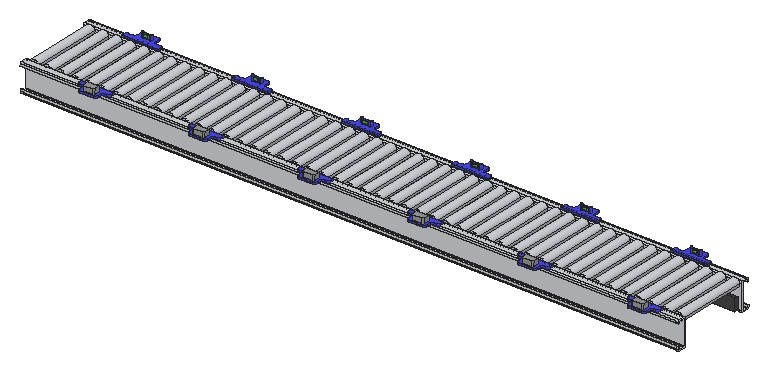
Revit family "C353", category Specialty Equipment, Revit 2025
Family settings
  Round Connector Dimension = Use Diameter
  Part Type = Normal
  Work Plane-Based = No
  Enable Cutting in Views = No
  Always vertical = Yes
  Cut with Voids When Loaded = No
  Maintain Annotation Orientation = No
  Shared = No
  Room Calculation Point = No
Parameters (values of type "C351- 18"")
  Weight [instance] = 0
  Version = ""
  Subsystem [instance] = ""
  Special_Part_Number [instance] = ""
  Special_Description [instance] = ""
  Special_Bed [instance] = no
  Segment [instance] = ""
  SIO_Block_Number [instance] = ""
  SENSOR_ARRY_NUM [instance] = round(CLR_BED_LENGTH / CLR_ZONES)  # 6
  SENSOR_ARRY [instance] = CLR_ZONES + CLR_SENSOR_SKEW  # 3' - 0"
  PHOTO_EYE_ARRAY [instance] = CLR_ZONES + CLR_PhotoEye_SP  # 2' - 8"
  Material_Number [instance] = ""
  MCP [instance] = ""
  Lookup Table Name BCL [instance] = "BOTTOM_COVER_BCL"
  Lookup Table Name BCAN [instance] = "BOTTOM_COVER_ARRAY_NUM"
  Lookup Table Name [instance] = "PHOTO_EYE"
  Load_Envelope_Height [instance] = 1' - 0"
  Load_Envelope [instance] = no
  IO_Block_Number [instance] = ""
  Field_Cut [instance] = no
  Estop_Zone [instance] = ""
  Error_State [instance] = no
  Default Elevation = 0' - 0"
  Conveyor_Number [instance] = "100"
  Conveyor_Elevation_Out [instance] = Conveyor_Elevation_In  # 2' - 7 51/256"
  Conveyor_Elevation_In [instance] = 2' - 7 51/256"
  CLR_ZONE_CONTROL = "N"
  CLR_ZONES [instance] = 2' - 0"
  CLR_VFD = no
  CLR_TE_POSITION = "N"
  CLR_TAKE_UP_SPRING_QUANTITY = 0
  CLR_TAKE_UP = "N"
  CLR_SUBCLASS = ""
  CLR_SPRING_COVER [instance] = no
  CLR_SPEED_FPM = 0
  CLR_SLAVE_RATIO = "N"
  CLR_SENSOR_SKEW [instance] = size_lookup(Lookup Table Name, "CSS", CLR_PhotoEye_SP, CLR_NOMINAL_WIDTH, CLR_ZONES, CLR_SENSOR_ANGLE)  # 1' - 0"
  CLR_SENSOR_MOUNT [instance] = "Side"
  CLR_SENSOR_HAND [instance] = "Left"
  CLR_SENSOR_ANGLE [instance] = 9.00°
  CLR_ROLLER_NUM [instance] = CLR_BED_LENGTH / CLR_ROLLER_CENTER  # 48
  CLR_ROLLER_CENTER [instance] = 0' - 3"
  CLR_PhotoEye_SP [instance] = if(CLR_ZONES = 3' 0", 1' 0", if(CLR_ZONES = 2' 0", 0' 8", 0' 8"))  # 0' - 8"
  CLR_PULLEY_TYPE = "N"
  CLR_POPOUT_CARRYING_ROLLERS [instance] = no
  CLR_NOMINAL_WIDTH + 1" [instance] = CLR_NOMINAL_WIDTH + 0' 1"  # 1' - 7"
  CLR_NOMINAL_WIDTH  -2.5" [instance] = CLR_NOMINAL_WIDTH - 0' 2 1/2"  # 1' - 3 1/2"
  CLR_NOMINAL_WIDTH = 1' - 6"
  CLR_MOTOR_VOLTAGE = "N"
  CLR_MOTOR_TYPE = "N"
  CLR_MOTOR_HP = 0
  CLR_MODULE = ""
  CLR_LIFTER_ROLLER_CENTER [instance] = 0' - 6"
  CLR_FINGER_GUARD [instance] = no
  CLR_DRIVE_TRAIN_TYPE = "N"
  CLR_DRIVE_SIZE = 0
  CLR_CONTROL_VOLTAGE = "N"
  CLR_CONTROL_DEVICE = "N"
  CLR_CONNECTION_KIT = "N"
  CLR_CARRYING_ROLLER [instance] = "Standard\r\nStandard\r\nStandard"
  CLR_BOTTOM_COVERS [instance] = no
  CLR_BED_LENGTH [instance] = if(Bed_Length < 12' 0", 12' 0", if(Bed_Length > 12' 0", 12' 0", 12' 0"))  # 12' - 0"
  CLR_ASSEMBLY_HAND = "N"
  CLR_AIR_BRAKE = 0
  Belting [instance] = 0' - 8"
  Bed_Length [instance] = 12' - 0"
  BREAK_ENTRY_LEN [instance] = if(CLR_ZONES = 3' 0", 0' 11 7/32", if(CLR_ZONES = 2' 0", 0' 0 7/32", 3' 0"))  # 0' - 0 7/32"
  BOTTOM_COVER_ARRAY_NUM [instance] = size_lookup(Lookup Table Name BCAN, "BCAN", 1, CLR_BED_LENGTH)  # 4
  BOTTOM_COVERS_LOCATION [instance] = BOTTOM_COVERS_LENGTH + BOTTOM_COVERS_LENGTH / 2  # 4' - 6"
  BOTTOM_COVERS_LENGTH [instance] = size_lookup(Lookup Table Name BCL, "BCL", 2' 0", CLR_BED_LENGTH, BOTTOM_COVER_ARRAY_NUM)  # 3' - 0"
  BBREAK_ZONE [instance] = if(CLR_ZONES = 3' 0", 3' 0", if(CLR_ZONES = 2' 0", 2' 0", 3' 0"))  # 2' - 0"
  Asset ID [instance] = ""
  Air_Consumption [instance] = 0
Types (6): name | SENSOR_ARRY_NUM | SENSOR_ARRY | PHOTO_EYE_ARRAY | Load_Envelope_Height | Conveyor_Elevation_Out | Conveyor_Elevation_In | CLR_ZONES | CLR_SENSOR_SKEW | CLR_PhotoEye_SP | CLR_NOMINAL_WIDTH + 1" | CLR_NOMINAL_WIDTH  -2.5" | CLR_NOMINAL_WIDTH | BREAK_ENTRY_LEN | BBREAK_ZONE
  (no name) | 6 | 3' - 0" | 2' - 8" | 1' - 0" | 2' - 7 51/256" | 2' - 7 51/256" | 2' - 0" | 1' - 0" | 0' - 8" | 1' - 7" | 1' - 3 1/2" | 1' - 6" | 0' - 0 7/32" | 2' - 0"
  C351- 18" | 6 | 3' - 0" | 2' - 8" | 1' - 0" | 2' - 7 51/256" | 2' - 7 51/256" | 2' - 0" | 1' - 0" | 0' - 8" | 1' - 7" | 1' - 3 1/2" | 1' - 6" | 0' - 0 7/32" | 2' - 0"
  C351- 24" | 4 | 4' - 4" | 4' - 0" | 1' - 0" | 5' - 0" | 5' - 0" | 3' - 0" | 1' - 4" | 1' - 0" | 2' - 1" | 1' - 9 1/2" | 2' - 0" | 0' - 11 7/32" | 3' - 0"
  C351- 30" | 4 | 4' - 6" | 4' - 0" | 1' - 0" | 2' - 7 51/256" | 2' - 7 51/256" | 3' - 0" | 1' - 6" | 1' - 0" | 2' - 7" | 2' - 3 1/2" | 2' - 6" | 0' - 11 7/32" | 3' - 0"
  C351- 36" | 6 | 3' - 2" | 2' - 8" | 0' - 11.55696" | 2' - 6.44304" | 2' - 6.44304" | 2' - 0" | 1' - 2" | 0' - 8" | 3' - 1" | 2' - 9 1/2" | 3' - 0" | 0' - 0 7/32" | 2' - 0"
  C351- 42" | 4 | 4' - 8" | 4' - 0" | 1' - 0" | 2' - 7 51/256" | 2' - 7 51/256" | 3' - 0" | 1' - 8" | 1' - 0" | 3' - 7" | 3' - 3 1/2" | 3' - 6" | 0' - 11 7/32" | 3' - 0"
Reference planes (in)
  plane 1 "Centerline": y = 0
  plane 2: z = 0
  plane 3 "Entry_End": x = 0
  plane 4 "Top_of_Roller": z = 31.19922
  plane 5 "Top_of_SideFrame": z = 30.90922
  plane 6 "Bot_of_SideFrame": z = 24.90922
  plane 7 "LH_Out": y = 9.5
  plane 8 "RH_Out": y = -9.5
  plane 9 "RH_In": y = -7.75
  plane 10 "LH_In": y = 7.75
  plane 11 "Exit_End": x = 144
  plane 12 "PhotoEye_SP": x = 136
  plane 13 "Sensor_Skew": x = 132
  plane 14: x = 60.81944
  plane 15: y = -38.13976
  plane 16: z = 31.19922
  plane 17: z = 43.19922
  plane 18: y = -7.75
  plane 19: y = 7.75
  plane 20: x = 23.71875
  plane 21: x = 12.21875
  plane 22: y = 7
  plane 23: x = 11.71875
  plane 24: x = 0.21875
  plane 25: y = 7
  plane 26: y = 6.25
  plane 27: y = 6.25
  plane 28 "BREAK": z = 29.00422
  plane 29: x = 11.96875
  plane 30: x = 31.33658
  plane 31: x = 19.83658
  plane 32: y = 25.5
  plane 33: x = 19.33658
  plane 34: x = 7.83658
  plane 35: y = 25.5
  plane 36: y = 24.75
  plane 37: y = 24.75
  plane 38: x = 19.58658
  plane 39: x = 11.96875
  plane 40: x = 0.21875
  plane 41: x = 19.58658
  plane 42: x = 7.83658
  plane 43: y = 7
  plane 44: y = 25.5
  plane 45: x = 47.71875
  plane 46: x = 36.21875
  plane 47: y = 7
  plane 48: x = 35.71875
  plane 49: x = 24.21875
  plane 50: y = 7
  plane 51: y = 6.25
  plane 52: y = 6.25
  plane 53: x = 35.96875
  plane 54: x = 71.71875
  plane 55: x = 60.21875
  plane 56: y = 7
  plane 57: x = 59.71875
  plane 58: x = 48.21875
  plane 59: y = 7
  plane 60: y = 6.25
  plane 61: y = 6.25
  plane 62: x = 59.96875
  plane 63: x = 95.71875
  plane 64: x = 84.21875
  plane 65: y = 7
  plane 66: x = 83.71875
  plane 67: x = 72.21875
  plane 68: y = 7
  plane 69: y = 6.25
  plane 70: y = 6.25
  plane 71: x = 83.96875
  plane 72: x = 119.71875
  plane 73: x = 108.21875
  plane 74: y = 7
  plane 75: x = 107.71875
  plane 76: x = 96.21875
  plane 77: y = 7
  plane 78: y = 6.25
  plane 79: y = 6.25
  plane 80: x = 107.96875
  plane 81: x = 143.71875
  plane 82: x = 132.21875
  plane 83: y = 7
  plane 84: x = 131.71875
  plane 85: x = 120.21875
  plane 86: y = 7
  plane 87: y = 6.25
  plane 88: y = 6.25
  plane 89: x = 131.96875
Forms (in)
  Extrusion 1, solid, detail levels coarse+medium
    sketch origin (0, 0, 0) x (0, 1, 0) y (0, 0, 1)
      loop
        line (9.5, 30.90922) -> (-9.5, 30.90922) -> (-9.5, 24.90922) -> (9.5, 24.90922) -> (9.5, 30.90922)
    from 0 to 144
  Extrusion 2, solid, material "Load Envelope", visible <- "Load_Envelope"
    sketch origin (0, 0, 0) x (0, 1, 0) y (0, 0, 1)
      loop
        line (7.75, 43.19922) -> (-7.75, 43.19922) -> (-7.75, 31.19922) -> (7.75, 31.19922) -> (7.75, 43.19922)
    from 0 to 144
  Extrusion 3, solid, material "BREAK"
    sketch origin (-92.78125, -32.40488, 22.77048) x (0, 1, 0) y (-1, 0, 0)
      loop
        line (39.40488, -116.5) -> (39.40488, -105) -> (39.15488, -105) -> (39.15488, -104.5) -> (39.40488, -104.5) -> (39.40488, -93) -> (38.65488, -93) -> (38.65488, -104.5) -> (38.90488, -104.5) -> (38.90488, -105) -> (38.65488, -105) -> (38.65488, -116.5) -> (39.40488, -116.5)
    from 2.81755 to 5.47755
  Extrusion 4, solid, material "BREAK", not visible
    sketch origin (-85.16342, -13.90488, 22.77048) x (0, 1, 0) y (-1, 0, 0)
      loop
        line (39.40488, -116.5) -> (39.40488, -105) -> (39.15488, -105) -> (39.15488, -104.5) -> (39.40488, -104.5) -> (39.40488, -93) -> (38.65488, -93) -> (38.65488, -104.5) -> (38.90488, -104.5) -> (38.90488, -105) -> (38.65488, -105) -> (38.65488, -116.5) -> (39.40488, -116.5)
    from 2.81755 to 5.47755
  Extrusion 5, solid, material "BREAK"
    sketch origin (-68.78125, -32.40488, 22.77048) x (0, 1, 0) y (-1, 0, 0)
      loop
        line (39.40488, -116.5) -> (39.40488, -105) -> (39.15488, -105) -> (39.15488, -104.5) -> (39.40488, -104.5) -> (39.40488, -93) -> (38.65488, -93) -> (38.65488, -104.5) -> (38.90488, -104.5) -> (38.90488, -105) -> (38.65488, -105) -> (38.65488, -116.5) -> (39.40488, -116.5)
    from 2.81755 to 5.47755
  Extrusion 6, solid, material "BREAK"
    sketch origin (-44.78125, -32.40488, 22.77048) x (0, 1, 0) y (-1, 0, 0)
      loop
        line (39.40488, -116.5) -> (39.40488, -105) -> (39.15488, -105) -> (39.15488, -104.5) -> (39.40488, -104.5) -> (39.40488, -93) -> (38.65488, -93) -> (38.65488, -104.5) -> (38.90488, -104.5) -> (38.90488, -105) -> (38.65488, -105) -> (38.65488, -116.5) -> (39.40488, -116.5)
    from 2.81755 to 5.47755
  Extrusion 7, solid, material "BREAK"
    sketch origin (-20.78125, -32.40488, 22.77048) x (0, 1, 0) y (-1, 0, 0)
      loop
        line (39.40488, -116.5) -> (39.40488, -105) -> (39.15488, -105) -> (39.15488, -104.5) -> (39.40488, -104.5) -> (39.40488, -93) -> (38.65488, -93) -> (38.65488, -104.5) -> (38.90488, -104.5) -> (38.90488, -105) -> (38.65488, -105) -> (38.65488, -116.5) -> (39.40488, -116.5)
    from 2.81755 to 5.47755
  Extrusion 8, solid, material "BREAK"
    sketch origin (3.21875, -32.40488, 22.77048) x (0, 1, 0) y (-1, 0, 0)
      loop
        line (39.40488, -116.5) -> (39.40488, -105) -> (39.15488, -105) -> (39.15488, -104.5) -> (39.40488, -104.5) -> (39.40488, -93) -> (38.65488, -93) -> (38.65488, -104.5) -> (38.90488, -104.5) -> (38.90488, -105) -> (38.65488, -105) -> (38.65488, -116.5) -> (39.40488, -116.5)
    from 2.81755 to 5.47755
  Extrusion 9, solid, material "BREAK"
    sketch origin (27.21875, -32.40488, 22.77048) x (0, 1, 0) y (-1, 0, 0)
      loop
        line (39.40488, -116.5) -> (39.40488, -105) -> (39.15488, -105) -> (39.15488, -104.5) -> (39.40488, -104.5) -> (39.40488, -93) -> (38.65488, -93) -> (38.65488, -104.5) -> (38.90488, -104.5) -> (38.90488, -105) -> (38.65488, -105) -> (38.65488, -116.5) -> (39.40488, -116.5)
    from 2.81755 to 5.47755
Lines and regions (in)
  model lines, style "Belt"
    curve 1: line (0, 4, 31.19922) -> (144, 4, 31.19922)
    curve 2: line (0, -4, 31.19922) -> (0, 4, 31.19922)
    curve 3: line (144, -4, 31.19922) -> (0, -4, 31.19922)
    curve 4: line (144, 4, 31.19922) -> (144, -4, 31.19922)
  model lines, style "Centerline"
    curve 5: line (0, 0, 31.19922) -> (144, 0, 31.19922)
  model lines, style "Flow Arrow", not visible
    curve 6: line (108.81944, -38.13976, 30) -> (132.81944, -38.13976, 30)
    curve 7: line (132.81944, -38.13976, 30) -> (122.42713, -32.13976, 30)
    curve 8: line (132.81944, -38.13976, 30) -> (122.42713, -44.13976, 30)
  reference lines
    curve 9: line (11.96875, 9, 30.44304) -> (11.96875, 4.5, 30.44304)
    curve 10: line (35.96875, 9, 30.44304) -> (35.96875, 4.5, 30.44304)
    curve 11: line (59.96875, 9, 30.44304) -> (59.96875, 4.5, 30.44304)
    curve 12: line (83.96875, 9, 30.44304) -> (83.96875, 4.5, 30.44304)
    curve 13: line (107.96875, 9, 30.44304) -> (107.96875, 4.5, 30.44304)
    curve 14: line (131.96875, 9, 30.44304) -> (131.96875, 4.5, 30.44304)
Dimensions and locks (in)
  equal spacing: plane 10 "LH_In", plane 1 "Centerline", plane 9 "RH_In"
  "CLR_NOMINAL_WIDTH  -2.5"": plane 10 "LH_In" to plane 9 "RH_In"
  equal spacing: plane 7 "LH_Out", plane 1 "Centerline", plane 8 "RH_Out"
  "CLR_NOMINAL_WIDTH + 1"": plane 7 "LH_Out" to plane 8 "RH_Out"
  "Conveyor_Elevation_In": plane 4 "Top_of_Roller" to level
  locked: plane 4 "Top_of_Roller" to plane 5 "Top_of_SideFrame" at 0.29
  locked: plane 5 "Top_of_SideFrame" to plane 6 "Bot_of_SideFrame" at 6
  locked: nested 1 to plane 6 "Bot_of_SideFrame"
  locked: nested 1 to plane 10 "LH_In"
  locked: plane 6 "Bot_of_SideFrame" to nested 2
  locked: plane 9 "RH_In" to nested 2
  locked: plane 3 "Entry_End" to nested 3 at 1.5
  locked: plane 4 "Top_of_Roller" to nested 3
  equal spacing: group 1, group 2, group 3, group 4, group 5, group 6, group 7, group 8, group 14, group 15, group 16, group 17, group 18, group 19, group 20, group 21, group 22, group 23, group 24, group 25, group 26, group 27, group 28, group 29, group 30, group 31, group 32, group 33, group 34, group 35, group 36, group 37, group 38, group 39, group 40, group 41, group 47, group 48, group 49, group 50, group 54, group 55, group 56, group 57, group 58, group 59, group 60, group 61  (x2)
  equal spacing: group 61, group 60, group 59, group 58, group 57, group 56, group 55, group 54, group 50, group 49, group 48, group 47, group 41, group 40, group 39, group 38, group 37, group 36, group 35, group 34, group 33, group 32, group 31, group 30, group 29, group 28, group 27, group 26, group 25, group 24, group 23, group 22, group 21, group 20, group 19, group 18, group 17, group 16, group 15, group 14, group 8, group 7, group 6, group 5, group 4, group 3, group 2, group 1
  locked: plane 3 "Entry_End" to nested 4 at 4.5
  "CLR_BED_LENGTH": plane 3 "Entry_End" to plane 11 "Exit_End"
  "CLR_PhotoEye_SP": plane 11 "Exit_End" to plane 12 "PhotoEye_SP"
  "CLR_SENSOR_SKEW": plane 11 "Exit_End" to plane 13 "Sensor_Skew"
  equal spacing: group 68, group 67, group 51, group 42, group 10, group 9
  equal spacing: group 9, group 10, group 42, group 51, group 67, group 68  (x2)
  "SENSOR_ARRY": nested 12 to plane 11 "Exit_End"
  locked: plane 5 "Top_of_SideFrame" to nested 11
  locked: plane 8 "RH_Out" to nested 13
  equal spacing: group 70, group 69, group 52, group 43, group 12, group 11
  equal spacing: group 11, group 12, group 43, group 52, group 69, group 70  (x2)
  "PHOTO_EYE_ARRAY": nested 14 to plane 11 "Exit_End"
  locked: plane 5 "Top_of_SideFrame" to nested 13
  equal spacing: curve 3, plane 1 "Centerline", curve 1
  "Belting": curve 3 to curve 1
  equal spacing: plane 19, plane 1 "Centerline", plane 18
  "CLR_NOMINAL_WIDTH  -2.5"": plane 19 to plane 18
  "Load_Envelope_Height": plane 17 to plane 16
  locked: plane 3 "Entry_End" to nested 45
  equal spacing: group 44, group 45, group 46, group 53  (x2)
  equal spacing: group 53, group 46, group 45, group 44
  "BOTTOM_COVERS_LOCATION": nested 46 to plane 3 "Entry_End"
  locked: plane 27 to plane 22 at 0.75
  locked: plane 26 to plane 25 at 0.75
  plane 23 to plane 21 = 0' - 0 1/2"
  locked: plane 24 to plane 23 at 11.5
  locked: plane 21 to plane 20 at 11.5
  locked: plane 28 "BREAK" to plane 4 "Top_of_Roller" at 2.195
  Extrusion 3 to Extrusion 3 = 0' - 2.66"
  locked: plane 29 to Extrusion 3 sketch curve at 0.25
  locked: Extrusion 3 sketch curve to plane 29 at 0.25
  locked: plane 37 to plane 32 at 0.75
  locked: plane 36 to plane 35 at 0.75
  plane 33 to plane 31 = 0' - 0 1/2"
  locked: plane 34 to plane 33 at 11.5
  locked: plane 31 to plane 30 at 11.5
  locked: plane 38 to Extrusion 4 sketch curve at 0.25
  locked: Extrusion 4 sketch curve to plane 38 at 0.25
  Extrusion 3 to plane 39 to Extrusion 3 = 0' - 0 1/4", 0' - 0 1/4"
  Extrusion 3 to plane 40 = 0' - 0"
  locked: plane 43 to plane 10 "LH_In" at 0.75
  locked: plane 43 to Extrusion 3
  "BREAK_ENTRY_LEN": plane 3 "Entry_End" to plane 40
  locked: Extrusion 3 to plane 40
  locked: plane 40 to plane 39 at 11.75
  locked: plane 52 to plane 47 at 0.75
  locked: plane 51 to plane 50 at 0.75
  locked: plane 49 to plane 48 at 11.5
  locked: plane 46 to plane 45 at 11.5
  locked: plane 53 to Extrusion 5 sketch curve at 0.25
  locked: Extrusion 5 sketch curve to plane 53 at 0.25
  equal spacing: group 63, group 64, group 65, group 66, group 71, group 72  (x3)
  "BBREAK_ZONE": curve 9 to curve 10
  locked: plane 61 to plane 56 at 0.75
  locked: plane 60 to plane 59 at 0.75
  locked: plane 58 to plane 57 at 11.5
  locked: plane 55 to plane 54 at 11.5
  locked: plane 62 to Extrusion 6 sketch curve at 0.25
  locked: Extrusion 6 sketch curve to plane 62 at 0.25
  locked: plane 70 to plane 65 at 0.75
  locked: plane 69 to plane 68 at 0.75
  locked: plane 67 to plane 66 at 11.5
  locked: plane 64 to plane 63 at 11.5
  locked: plane 71 to Extrusion 7 sketch curve at 0.25
  locked: Extrusion 7 sketch curve to plane 71 at 0.25
  locked: plane 79 to plane 74 at 0.75
  locked: plane 78 to plane 77 at 0.75
  locked: plane 76 to plane 75 at 11.5
  locked: plane 73 to plane 72 at 11.5
  locked: plane 80 to Extrusion 8 sketch curve at 0.25
  locked: Extrusion 8 sketch curve to plane 80 at 0.25
  locked: plane 88 to plane 83 at 0.75
  locked: plane 87 to plane 86 at 0.75
  locked: plane 85 to plane 84 at 11.5
  locked: plane 82 to plane 81 at 11.5
  locked: plane 89 to Extrusion 9 sketch curve at 0.25
  locked: Extrusion 9 sketch curve to plane 89 at 0.25
  aligned and locked: level to plane 2
  aligned and locked: plane 3 "Entry_End" to nested 1
  aligned and locked: plane 3 "Entry_End" to nested 2
  aligned and locked: plane 1 "Centerline" to nested 3
  aligned and locked: nested 11 to plane 13 "Sensor_Skew"
  aligned and locked: plane 7 "LH_Out" to nested 11
  aligned and locked: plane 12 "PhotoEye_SP" to nested 13
  aligned and locked: plane 3 "Entry_End" to curve 2
  aligned and locked: curve 4 to plane 11 "Exit_End"
  aligned and locked: Extrusion 1 to plane 7 "LH_Out"
  aligned and locked: plane 5 "Top_of_SideFrame" to Extrusion 1
  aligned and locked: Extrusion 1 to plane 6 "Bot_of_SideFrame"
  aligned and locked: plane 11 "Exit_End" to Extrusion 1
  aligned and locked: plane 4 "Top_of_Roller" to plane 16
  aligned and locked: plane 17 to Extrusion 2 sketch curve
  aligned and locked: Extrusion 2 sketch curve to plane 10 "LH_In"
  aligned and locked: Extrusion 2 sketch curve to nested 3  (x2)
  aligned and locked: plane 11 "Exit_End" to Extrusion 2
  aligned and locked: nested 45 to plane 6 "Bot_of_SideFrame"
  aligned and locked: plane 1 "Centerline" to nested 45
  aligned and locked: plane 4 "Top_of_Roller" to nested 62
  aligned and locked: nested 54 to plane 6 "Bot_of_SideFrame"
  aligned and locked: plane 5 "Top_of_SideFrame" to nested 52
  aligned and locked: plane 5 "Top_of_SideFrame" to nested 53
  aligned and locked: plane 7 "LH_Out" to nested 52
  aligned and locked: plane 8 "RH_Out" to nested 53
  aligned and locked: Extrusion 3 sketch curve to plane 22
  aligned and locked: Extrusion 3 sketch curve to plane 20
  aligned and locked: Extrusion 3 sketch curve to plane 27
  aligned and locked: Extrusion 3 sketch curve to plane 26
  aligned and locked: Extrusion 3 sketch curve to plane 24
  aligned and locked: Extrusion 4 sketch curve to plane 32
  aligned and locked: Extrusion 4 sketch curve to plane 30
  aligned and locked: Extrusion 4 sketch curve to plane 37
  aligned and locked: Extrusion 4 sketch curve to plane 36
  aligned and locked: Extrusion 4 sketch curve to plane 35
  aligned and locked: Extrusion 4 sketch curve to plane 34
  aligned and locked: Extrusion 5 sketch curve to plane 47
  aligned and locked: Extrusion 5 sketch curve to plane 45
  aligned and locked: Extrusion 5 sketch curve to plane 52
  aligned and locked: Extrusion 5 sketch curve to plane 51
  aligned and locked: Extrusion 5 sketch curve to plane 49
  aligned and locked: Extrusion 6 sketch curve to plane 56
  aligned and locked: Extrusion 6 sketch curve to plane 54
  aligned and locked: Extrusion 6 sketch curve to plane 61
  aligned and locked: Extrusion 6 sketch curve to plane 60
  aligned and locked: Extrusion 6 sketch curve to plane 58
  aligned and locked: Extrusion 7 sketch curve to plane 65
  aligned and locked: Extrusion 7 sketch curve to plane 63
  aligned and locked: Extrusion 7 sketch curve to plane 70
  aligned and locked: Extrusion 7 sketch curve to plane 69
  aligned and locked: Extrusion 7 sketch curve to plane 67
  aligned and locked: Extrusion 8 sketch curve to plane 74
  aligned and locked: Extrusion 8 sketch curve to plane 72
  aligned and locked: Extrusion 8 sketch curve to plane 79
  aligned and locked: Extrusion 8 sketch curve to plane 78
  aligned and locked: Extrusion 8 sketch curve to plane 76
  aligned and locked: Extrusion 9 sketch curve to plane 83
  aligned and locked: Extrusion 9 sketch curve to plane 81
  aligned and locked: Extrusion 9 sketch curve to plane 88
  aligned and locked: Extrusion 9 sketch curve to plane 87
  aligned and locked: Extrusion 9 sketch curve to plane 85
  aligned and locked: Extrusion 9 to plane 43
Automatic sketch dimensions
  plane 9 "RH_In" to Extrusion 1 sketch curve = 0' - 1 3/4"
  Extrusion 1 sketch curve to plane 10 "LH_In" = 0' - 1 3/4"
  Extrusion 1 sketch curve to plane 6 "Bot_of_SideFrame" = 0' - 0"
  plane 6 "Bot_of_SideFrame" to Extrusion 1 sketch curve = 0' - 6"
  plane 1 "Centerline" to curve 5 = 0' - 0"
  Extrusion 3 sketch curve to plane 21 = 0' - 0"
  Extrusion 3 sketch curve to plane 23 = 0' - 0"
  Extrusion 3 sketch curve to Extrusion 3 sketch curve = 0' - 0 1/4"
  plane 22 to Extrusion 3 sketch curve = 0' - 0 1/4"
  Extrusion 4 sketch curve to plane 31 = 0' - 0"
  Extrusion 4 sketch curve to plane 33 = 0' - 0"
  Extrusion 4 sketch curve to Extrusion 4 sketch curve = 0' - 0 1/4"
  plane 32 to Extrusion 4 sketch curve = 0' - 0 1/4"
  Extrusion 3 sketch curve to plane 22 = 0' - 0"
  curve 9 to curve 9 = 0' - 4 1/2"
  Extrusion 5 sketch curve to plane 46 = 0' - 0"
  Extrusion 5 sketch curve to plane 48 = 0' - 0"
  Extrusion 5 sketch curve to Extrusion 5 sketch curve = 0' - 0 1/4"
  plane 47 to Extrusion 5 sketch curve = 0' - 0 1/4"
  Extrusion 5 sketch curve to plane 47 = 0' - 0"
  curve 10 to curve 10 = 0' - 4 1/2"
  Extrusion 6 sketch curve to plane 55 = 0' - 0"
  Extrusion 6 sketch curve to plane 57 = 0' - 0"
  Extrusion 6 sketch curve to Extrusion 6 sketch curve = 0' - 0 1/4"
  plane 56 to Extrusion 6 sketch curve = 0' - 0 1/4"
  Extrusion 6 sketch curve to plane 56 = 0' - 0"
  curve 11 to curve 11 = 0' - 4 1/2"
  Extrusion 7 sketch curve to plane 64 = 0' - 0"
  Extrusion 7 sketch curve to plane 66 = 0' - 0"
  Extrusion 7 sketch curve to Extrusion 7 sketch curve = 0' - 0 1/4"
  plane 65 to Extrusion 7 sketch curve = 0' - 0 1/4"
  Extrusion 7 sketch curve to plane 65 = 0' - 0"
  curve 12 to curve 12 = 0' - 4 1/2"
  Extrusion 8 sketch curve to plane 73 = 0' - 0"
  Extrusion 8 sketch curve to plane 75 = 0' - 0"
  Extrusion 8 sketch curve to Extrusion 8 sketch curve = 0' - 0 1/4"
  plane 74 to Extrusion 8 sketch curve = 0' - 0 1/4"
  Extrusion 8 sketch curve to plane 74 = 0' - 0"
  curve 13 to curve 13 = 0' - 4 1/2"
  Extrusion 9 sketch curve to plane 82 = 0' - 0"
  Extrusion 9 sketch curve to plane 84 = 0' - 0"
  Extrusion 9 sketch curve to Extrusion 9 sketch curve = 0' - 0 1/4"
  plane 83 to Extrusion 9 sketch curve = 0' - 0 1/4"
  Extrusion 9 sketch curve to plane 83 = 0' - 0"
  curve 14 to curve 14 = 0' - 4 1/2"
Nested families (in)
  nested 1: "SW0024A" at (72, 8.625, 0.90922) x (0, -1, 0) z (0, 0, 1), Bed_Length <- "CLR_BED_LENGTH", type "SW0024A", detail levels fine
    with Conveyor_Elevation_In 2' - 6", Bed_Length 12' - 0"
  nested 2: "SW0023A" at (72, -8.625, 0.90922) x (0, -1, 0) z (0, 0, 1), Bed_Length <- "CLR_BED_LENGTH", type "SW0023A", detail levels fine
    with Conveyor_Elevation_In 2' - 6", Bed_Length 12' - 0"
  nested 3: "SW0289" at (1.5, 0, 1.19922), B <- "CLR_NOMINAL_WIDTH  -2.5"", type "SW0289", detail levels fine
    with Conveyor_Elevation_In 2' - 6", B 1' - 3 1/2"
  nested 4: "SW0289" at (4.5, 0, 1.19922), B <- "CLR_NOMINAL_WIDTH  -2.5"", type "SW0289", detail levels fine
    with Conveyor_Elevation_In 2' - 6", B 1' - 3 1/2"
  nested 5: "SW0289" at (7.5, 0, 1.19922), B <- "CLR_NOMINAL_WIDTH  -2.5"", type "SW0289", detail levels fine
    with Conveyor_Elevation_In 2' - 6", B 1' - 3 1/2"
  nested 6: "SW0289" at (10.5, 0, 1.19922), B <- "CLR_NOMINAL_WIDTH  -2.5"", type "SW0289", detail levels fine
    with Conveyor_Elevation_In 2' - 6", B 1' - 3 1/2"
  nested 7: "SW0289" at (13.5, 0, 1.19922), B <- "CLR_NOMINAL_WIDTH  -2.5"", type "SW0289", detail levels fine
    with Conveyor_Elevation_In 2' - 6", B 1' - 3 1/2"
  nested 8: "SW0289" at (16.5, 0, 1.19922), B <- "CLR_NOMINAL_WIDTH  -2.5"", type "SW0289", detail levels fine
    with Conveyor_Elevation_In 2' - 6", B 1' - 3 1/2"
  nested 9: "SW0289" at (19.5, 0, 1.19922), B <- "CLR_NOMINAL_WIDTH  -2.5"", type "SW0289", detail levels fine
    with Conveyor_Elevation_In 2' - 6", B 1' - 3 1/2"
  nested 10: "SW0289" at (22.5, 0, 1.19922), B <- "CLR_NOMINAL_WIDTH  -2.5"", type "SW0289", detail levels fine
    with Conveyor_Elevation_In 2' - 6", B 1' - 3 1/2"
  nested 11: "SW0014" at (132, 9.5, 1.19828), type "SW0014"
  nested 12: "SW0014" at (108, 9.5, 1.19828), type "SW0014"
  nested 13: "SW0037-01" at (136, -9.5, 1.19828), type "SW0037-01"
    with Conveyor_Elevation_In 2' - 5 91/128"
  nested 14: "SW0037-01" at (112, -9.5, 1.19828), type "SW0037-01"
    with Conveyor_Elevation_In 2' - 5 91/128"
  nested 15: "SW0289" at (25.5, 0, 1.19922), B <- "CLR_NOMINAL_WIDTH  -2.5"", type "SW0289", detail levels fine
    with Conveyor_Elevation_In 2' - 6", B 1' - 3 1/2"
  nested 16: "SW0289" at (28.5, 0, 1.19922), B <- "CLR_NOMINAL_WIDTH  -2.5"", type "SW0289", detail levels fine
    with Conveyor_Elevation_In 2' - 6", B 1' - 3 1/2"
  nested 17: "SW0289" at (31.5, 0, 1.19922), B <- "CLR_NOMINAL_WIDTH  -2.5"", type "SW0289", detail levels fine
    with Conveyor_Elevation_In 2' - 6", B 1' - 3 1/2"
  nested 18: "SW0289" at (34.5, 0, 1.19922), B <- "CLR_NOMINAL_WIDTH  -2.5"", type "SW0289", detail levels fine
    with Conveyor_Elevation_In 2' - 6", B 1' - 3 1/2"
  nested 19: "SW0289" at (37.5, 0, 1.19922), B <- "CLR_NOMINAL_WIDTH  -2.5"", type "SW0289", detail levels fine
    with Conveyor_Elevation_In 2' - 6", B 1' - 3 1/2"
  nested 20: "SW0289" at (40.5, 0, 1.19922), B <- "CLR_NOMINAL_WIDTH  -2.5"", type "SW0289", detail levels fine
    with Conveyor_Elevation_In 2' - 6", B 1' - 3 1/2"
  nested 21: "SW0289" at (43.5, 0, 1.19922), B <- "CLR_NOMINAL_WIDTH  -2.5"", type "SW0289", detail levels fine
    with Conveyor_Elevation_In 2' - 6", B 1' - 3 1/2"
  nested 22: "SW0289" at (46.5, 0, 1.19922), B <- "CLR_NOMINAL_WIDTH  -2.5"", type "SW0289", detail levels fine
    with Conveyor_Elevation_In 2' - 6", B 1' - 3 1/2"
  nested 23: "SW0289" at (49.5, 0, 1.19922), B <- "CLR_NOMINAL_WIDTH  -2.5"", type "SW0289", detail levels fine
    with Conveyor_Elevation_In 2' - 6", B 1' - 3 1/2"
  nested 24: "SW0289" at (52.5, 0, 1.19922), B <- "CLR_NOMINAL_WIDTH  -2.5"", type "SW0289", detail levels fine
    with Conveyor_Elevation_In 2' - 6", B 1' - 3 1/2"
  nested 25: "SW0289" at (55.5, 0, 1.19922), B <- "CLR_NOMINAL_WIDTH  -2.5"", type "SW0289", detail levels fine
    with Conveyor_Elevation_In 2' - 6", B 1' - 3 1/2"
  nested 26: "SW0289" at (58.5, 0, 1.19922), B <- "CLR_NOMINAL_WIDTH  -2.5"", type "SW0289", detail levels fine
    with Conveyor_Elevation_In 2' - 6", B 1' - 3 1/2"
  nested 27: "SW0289" at (61.5, 0, 1.19922), B <- "CLR_NOMINAL_WIDTH  -2.5"", type "SW0289", detail levels fine
    with Conveyor_Elevation_In 2' - 6", B 1' - 3 1/2"
  nested 28: "SW0289" at (64.5, 0, 1.19922), B <- "CLR_NOMINAL_WIDTH  -2.5"", type "SW0289", detail levels fine
    with Conveyor_Elevation_In 2' - 6", B 1' - 3 1/2"
  nested 29: "SW0289" at (67.5, 0, 1.19922), B <- "CLR_NOMINAL_WIDTH  -2.5"", type "SW0289", detail levels fine
    with Conveyor_Elevation_In 2' - 6", B 1' - 3 1/2"
  nested 30: "SW0289" at (70.5, 0, 1.19922), B <- "CLR_NOMINAL_WIDTH  -2.5"", type "SW0289", detail levels fine
    with Conveyor_Elevation_In 2' - 6", B 1' - 3 1/2"
  nested 31: "SW0289" at (73.5, 0, 1.19922), B <- "CLR_NOMINAL_WIDTH  -2.5"", type "SW0289", detail levels fine
    with Conveyor_Elevation_In 2' - 6", B 1' - 3 1/2"
  nested 32: "SW0289" at (76.5, 0, 1.19922), B <- "CLR_NOMINAL_WIDTH  -2.5"", type "SW0289", detail levels fine
    with Conveyor_Elevation_In 2' - 6", B 1' - 3 1/2"
  nested 33: "SW0289" at (79.5, 0, 1.19922), B <- "CLR_NOMINAL_WIDTH  -2.5"", type "SW0289", detail levels fine
    with Conveyor_Elevation_In 2' - 6", B 1' - 3 1/2"
  nested 34: "SW0289" at (82.5, 0, 1.19922), B <- "CLR_NOMINAL_WIDTH  -2.5"", type "SW0289", detail levels fine
    with Conveyor_Elevation_In 2' - 6", B 1' - 3 1/2"
  nested 35: "SW0289" at (85.5, 0, 1.19922), B <- "CLR_NOMINAL_WIDTH  -2.5"", type "SW0289", detail levels fine
    with Conveyor_Elevation_In 2' - 6", B 1' - 3 1/2"
  nested 36: "SW0289" at (88.5, 0, 1.19922), B <- "CLR_NOMINAL_WIDTH  -2.5"", type "SW0289", detail levels fine
    with Conveyor_Elevation_In 2' - 6", B 1' - 3 1/2"
  nested 37: "SW0289" at (91.5, 0, 1.19922), B <- "CLR_NOMINAL_WIDTH  -2.5"", type "SW0289", detail levels fine
    with Conveyor_Elevation_In 2' - 6", B 1' - 3 1/2"
  nested 38: "SW0289" at (94.5, 0, 1.19922), B <- "CLR_NOMINAL_WIDTH  -2.5"", type "SW0289", detail levels fine
    with Conveyor_Elevation_In 2' - 6", B 1' - 3 1/2"
  nested 39: "SW0289" at (97.5, 0, 1.19922), B <- "CLR_NOMINAL_WIDTH  -2.5"", type "SW0289", detail levels fine
    with Conveyor_Elevation_In 2' - 6", B 1' - 3 1/2"
  nested 40: "SW0289" at (100.5, 0, 1.19922), B <- "CLR_NOMINAL_WIDTH  -2.5"", type "SW0289", detail levels fine
    with Conveyor_Elevation_In 2' - 6", B 1' - 3 1/2"
  nested 41: "SW0289" at (103.5, 0, 1.19922), B <- "CLR_NOMINAL_WIDTH  -2.5"", type "SW0289", detail levels fine
    with Conveyor_Elevation_In 2' - 6", B 1' - 3 1/2"
  nested 42: "SW0289" at (106.5, 0, 1.19922), B <- "CLR_NOMINAL_WIDTH  -2.5"", type "SW0289", detail levels fine
    with Conveyor_Elevation_In 2' - 6", B 1' - 3 1/2"
  nested 43: "SW0014" at (84, 9.5, 1.19828), type "SW0014"
  nested 44: "SW0037-01" at (88, -9.5, 1.19828), type "SW0037-01"
    with Conveyor_Elevation_In 2' - 5 91/128"
  nested 45: "SW0046" at (18, 0, 1.19922), CLR_NOMINAL_WIDTH <- "CLR_NOMINAL_WIDTH  -2.5"", bottom cover length <- "BOTTOM_COVERS_LENGTH", visible <- "CLR_BOTTOM_COVERS", type "SW0046", detail levels fine
    with bottom cover length 36.000", Nominal wedith 15.268", CLR_NOMINAL_WIDTH 1' - 3 1/2"
  nested 46: "SW0046" at (54, 0, 1.19922), CLR_NOMINAL_WIDTH <- "CLR_NOMINAL_WIDTH  -2.5"", bottom cover length <- "BOTTOM_COVERS_LENGTH", visible <- "CLR_BOTTOM_COVERS", type "SW0046", detail levels fine
    with bottom cover length 36.000", Nominal wedith 15.268", CLR_NOMINAL_WIDTH 1' - 3 1/2"
  nested 47: "SW0046" at (90, 0, 1.19922), CLR_NOMINAL_WIDTH <- "CLR_NOMINAL_WIDTH  -2.5"", bottom cover length <- "BOTTOM_COVERS_LENGTH", visible <- "CLR_BOTTOM_COVERS", type "SW0046", detail levels fine
    with bottom cover length 36.000", Nominal wedith 15.268", CLR_NOMINAL_WIDTH 1' - 3 1/2"
  nested 48: "SW0289" at (109.5, 0, 1.19922), B <- "CLR_NOMINAL_WIDTH  -2.5"", type "SW0289", detail levels fine
    with Conveyor_Elevation_In 2' - 6", B 1' - 3 1/2"
  nested 49: "SW0289" at (112.5, 0, 1.19922), B <- "CLR_NOMINAL_WIDTH  -2.5"", type "SW0289", detail levels fine
    with Conveyor_Elevation_In 2' - 6", B 1' - 3 1/2"
  nested 50: "SW0289" at (115.5, 0, 1.19922), B <- "CLR_NOMINAL_WIDTH  -2.5"", type "SW0289", detail levels fine
    with Conveyor_Elevation_In 2' - 6", B 1' - 3 1/2"
  nested 51: "SW0289" at (118.5, 0, 1.19922), B <- "CLR_NOMINAL_WIDTH  -2.5"", type "SW0289", detail levels fine
    with Conveyor_Elevation_In 2' - 6", B 1' - 3 1/2"
  nested 52: "SW0014" at (60, 9.5, 1.19828), type "SW0014"
  nested 53: "SW0037-01" at (64, -9.5, 1.19828), type "SW0037-01"
    with Conveyor_Elevation_In 2' - 5 91/128"
  nested 54: "SW0046" at (126, 0, 1.19922), CLR_NOMINAL_WIDTH <- "CLR_NOMINAL_WIDTH  -2.5"", bottom cover length <- "BOTTOM_COVERS_LENGTH", visible <- "CLR_BOTTOM_COVERS", type "SW0046", detail levels fine
    with bottom cover length 36.000", Nominal wedith 15.268", CLR_NOMINAL_WIDTH 1' - 3 1/2"
  nested 55: "SW0289" at (121.5, 0, 1.19922), B <- "CLR_NOMINAL_WIDTH  -2.5"", type "SW0289", detail levels fine
    with Conveyor_Elevation_In 2' - 6", B 1' - 3 1/2"
  nested 56: "SW0289" at (124.5, 0, 1.19922), B <- "CLR_NOMINAL_WIDTH  -2.5"", type "SW0289", detail levels fine
    with Conveyor_Elevation_In 2' - 6", B 1' - 3 1/2"
  nested 57: "SW0289" at (127.5, 0, 1.19922), B <- "CLR_NOMINAL_WIDTH  -2.5"", type "SW0289", detail levels fine
    with Conveyor_Elevation_In 2' - 6", B 1' - 3 1/2"
  nested 58: "SW0289" at (130.5, 0, 1.19922), B <- "CLR_NOMINAL_WIDTH  -2.5"", type "SW0289", detail levels fine
    with Conveyor_Elevation_In 2' - 6", B 1' - 3 1/2"
  nested 59: "SW0289" at (133.5, 0, 1.19922), B <- "CLR_NOMINAL_WIDTH  -2.5"", type "SW0289", detail levels fine
    with Conveyor_Elevation_In 2' - 6", B 1' - 3 1/2"
  nested 60: "SW0289" at (136.5, 0, 1.19922), B <- "CLR_NOMINAL_WIDTH  -2.5"", type "SW0289", detail levels fine
    with Conveyor_Elevation_In 2' - 6", B 1' - 3 1/2"
  nested 61: "SW0289" at (139.5, 0, 1.19922), B <- "CLR_NOMINAL_WIDTH  -2.5"", type "SW0289", detail levels fine
    with Conveyor_Elevation_In 2' - 6", B 1' - 3 1/2"
  nested 62: "SW0289" at (142.5, 0, 1.19922), B <- "CLR_NOMINAL_WIDTH  -2.5"", type "SW0289", detail levels fine
    with Conveyor_Elevation_In 2' - 6", B 1' - 3 1/2"
  nested 63: "SW0014" at (36, 9.5, 1.19828), type "SW0014"
  nested 64: "SW0014" at (12, 9.5, 1.19828), type "SW0014"
  nested 65: "SW0037-01" at (40, -9.5, 1.19828), type "SW0037-01"
    with Conveyor_Elevation_In 2' - 5 91/128"
  nested 66: "SW0037-01" at (16, -9.5, 1.19828), type "SW0037-01"
    with Conveyor_Elevation_In 2' - 5 91/128"
Connectors (in)
  cabletrayconduit at (144, 0, 27.90922), diameter 6
    settings: on Extrusion 1, index 1, connector width 1' - 0", connector height 1' - 0", connector angle 0.00°, system type 32, placement type 0, profile type 0, connector reference index -1, is primary connector yes, connector utility param no, connector description ""
  cabletrayconduit at (0, 0, 27.90922), diameter 6
    settings: on Extrusion 1, index 2, connector width 1' - 0", connector height 1' - 0", connector angle 0.00°, system type 32, placement type 0, profile type 0, connector reference index -1, is primary connector no, connector utility param no, connector description ""
Definition of nested family "SW0024A"
  Parameters (values of type "SW0024A")
    Description = "SW0001A - 6.00 X 1.75 X \"A\" LG"
    Default Elevation = 0' - 0"
    Conveyor_Elevation_In [instance] = 2' - 6"
    Bed_Length [instance] = 12' - 0"
  Reference planes (in)
    plane 1 "Center (Front/Back)": y = 0
    plane 2: z = 0
    plane 3 "Centerline": x = 0
    plane 4 "Bot_of_SideFrame": z = 24
    plane 5 "Top_of_SideFrame": z = 30
    plane 6 "LH_Out": x = 0.875
    plane 7 "LH_In": x = -0.875
    plane 8 "Entry_End": y = -72
    plane 9 "Exit_End": y = 72
  Forms (in)
    Extrusion 1, solid
      sketch origin (0, 0, 0) x (1, 0, 0) y (0, 0, 1)
        loop
          arc (-0.615, 30) -> (-0.79885, 29.92385) -> (-0.875, 29.74) r 0.26
          line (-0.875, 29.74) -> (-0.875, 29.25) -> (-0.74609, 29.25) -> (-0.74609, 29.75109)
          arc (-0.74609, 29.75109) -> (-0.71095, 29.83595) -> (-0.62609, 29.87109) r 0.12
          line (-0.62609, 29.87109) -> (0.62609, 29.87109)
          arc (0.62609, 29.87109) -> (0.71095, 29.83595) -> (0.74609, 29.75109) r 0.12
          line (0.74609, 29.75109) -> (0.74609, 24.24891)
          arc (0.74609, 24.24891) -> (0.71095, 24.16405) -> (0.62609, 24.12891) r 0.12
          line (0.62609, 24.12891) -> (-0.62609, 24.12891)
          arc (-0.62609, 24.12891) -> (-0.71095, 24.16405) -> (-0.74609, 24.24891) r 0.12
          line (-0.74609, 24.24891) -> (-0.74609, 24.75) -> (-0.875, 24.75) -> (-0.875, 24.26)
          arc (-0.875, 24.26) -> (-0.79885, 24.07615) -> (-0.615, 24) r 0.26
          line (-0.615, 24) -> (0.615, 24)
          arc (0.615, 24) -> (0.79885, 24.07615) -> (0.875, 24.26) r 0.26
          line (0.875, 24.26) -> (0.875, 29.74)
          arc (0.875, 29.74) -> (0.79885, 29.92385) -> (0.615, 30) r 0.26
          line (0.615, 30) -> (-0.615, 30)
      from -72 to 72
  Dimensions and locks (in)
    "Conveyor_Elevation_In": plane 5 "Top_of_SideFrame" to level
    locked: plane 5 "Top_of_SideFrame" to plane 4 "Bot_of_SideFrame" at 6
    equal spacing: plane 6 "LH_Out", plane 3 "Centerline", plane 7 "LH_In"
    plane 6 "LH_Out" to plane 7 "LH_In" = 0' - 1 3/4"
    plane 6 "LH_Out" to plane 3 "Centerline" = 0' - 0 7/8"
    equal spacing: plane 9 "Exit_End", plane 1 "Center (Front/Back)", plane 8 "Entry_End"
    "Bed_Length": plane 9 "Exit_End" to plane 8 "Entry_End"
    aligned and locked: plane 2 to level
    aligned and locked: Extrusion 1 sketch curve to plane 5 "Top_of_SideFrame"
    aligned and locked: plane 7 "LH_In" to Extrusion 1 sketch curve
    aligned and locked: plane 4 "Bot_of_SideFrame" to Extrusion 1 sketch curve
    aligned and locked: plane 6 "LH_Out" to Extrusion 1 sketch curve
    aligned and locked: Extrusion 1 to plane 8 "Entry_End"
    aligned and locked: plane 9 "Exit_End" to Extrusion 1
  Automatic sketch dimensions
    Extrusion 1 sketch curve to plane 7 "LH_In" = 0' - 0"
    Extrusion 1 sketch curve to Extrusion 1 sketch curve = 0' - 0 33/256"  (x2)
    Extrusion 1 sketch curve to Extrusion 1 sketch curve = 0' - 0.12"  (x3)
    Extrusion 1 sketch curve to Extrusion 1 sketch curve = 0' - 0.01109"  (x5)
    Extrusion 1 sketch curve to plane 5 "Top_of_SideFrame" = 0' - 0.26"
    plane 6 "LH_Out" to Extrusion 1 sketch curve = 0' - 0.26"
    plane 4 "Bot_of_SideFrame" to Extrusion 1 sketch curve = 0' - 0 33/256"
    Extrusion 1 sketch curve to Extrusion 1 sketch curve = 0' - 0.49"  (x2)
Definition of nested family "SW0023A"
  Parameters (values of type "SW0023A")
    Description = "SW0001A - 6.00 X 1.75 X \"A\" LG"
    Default Elevation = 0' - 0"
    Conveyor_Elevation_In [instance] = 2' - 6"
    Bed_Length [instance] = 12' - 0"
  Reference planes (in)
    plane 1 "Center (Front/Back)": y = 0
    plane 2: z = 0
    plane 3 "CenterLine": x = 0
    plane 4 "Bot_of_SideFrame": z = 24
    plane 5 "Top_of_SideFrame": z = 30
    plane 6 "RH_OUT": x = 0.875
    plane 7 "RH_IN": x = -0.875
    plane 8 "Entry_End": y = -72
    plane 9 "Exit_End": y = 72
  Forms (in)
    Extrusion 1, solid
      sketch origin (0, 0, 0) x (1, 0, 0) y (0, 0, 1)
        loop
          arc (-0.615, 30) -> (-0.79885, 29.92385) -> (-0.875, 29.74) r 0.26
          line (-0.875, 29.74) -> (-0.875, 24.26)
          arc (-0.875, 24.26) -> (-0.79885, 24.07615) -> (-0.615, 24) r 0.26
          line (-0.615, 24) -> (0.615, 24)
          arc (0.615, 24) -> (0.79885, 24.07615) -> (0.875, 24.26) r 0.26
          line (0.875, 24.26) -> (0.875, 24.75) -> (0.74219, 24.75) -> (0.74219, 24.25281)
          arc (0.74219, 24.25281) -> (0.70704, 24.16796) -> (0.62219, 24.13281) r 0.12
          line (0.62219, 24.13281) -> (-0.62219, 24.13281)
          arc (-0.62219, 24.13281) -> (-0.70704, 24.16796) -> (-0.74219, 24.25281) r 0.12
          line (-0.74219, 24.25281) -> (-0.74219, 29.74719)
          arc (-0.74219, 29.74719) -> (-0.70704, 29.83204) -> (-0.62219, 29.86719) r 0.12
          line (-0.62219, 29.86719) -> (0.62219, 29.86719)
          arc (0.62219, 29.86719) -> (0.70704, 29.83204) -> (0.74219, 29.74719) r 0.12
          line (0.74219, 29.74719) -> (0.74219, 29.25) -> (0.875, 29.25) -> (0.875, 29.74)
          arc (0.875, 29.74) -> (0.79885, 29.92385) -> (0.615, 30) r 0.26
          line (0.615, 30) -> (-0.615, 30)
      from -72 to 72
  Dimensions and locks (in)
    equal spacing: plane 6 "RH_OUT", plane 3 "CenterLine", plane 7 "RH_IN", locked at 0.875 each
    "Conveyor_Elevation_In": plane 5 "Top_of_SideFrame" to level
    locked: plane 5 "Top_of_SideFrame" to plane 4 "Bot_of_SideFrame" at 6
    plane 6 "RH_OUT" to plane 7 "RH_IN" = 0' - 1 3/4"
    equal spacing: plane 9 "Exit_End", plane 1 "Center (Front/Back)", plane 8 "Entry_End"
    "Bed_Length": plane 9 "Exit_End" to plane 8 "Entry_End"
    aligned and locked: plane 2 to level
    aligned and locked: Extrusion 1 to plane 8 "Entry_End"
    aligned and locked: plane 9 "Exit_End" to Extrusion 1
  Automatic sketch dimensions
    Extrusion 1 sketch curve to plane 7 "RH_IN" = 0' - 0"
    Extrusion 1 sketch curve to plane 4 "Bot_of_SideFrame" = 0' - 0"
    Extrusion 1 sketch curve to plane 5 "Top_of_SideFrame" = 0' - 0"
    Extrusion 1 sketch curve to plane 6 "RH_OUT" = 0' - 0"  (x2)
    Extrusion 1 sketch curve to Extrusion 1 sketch curve = 0' - 0.12"  (x3)
    Extrusion 1 sketch curve to Extrusion 1 sketch curve = 0' - 0.00719"  (x9)
    Extrusion 1 sketch curve to plane 6 "RH_OUT" = 0' - 0 17/128"
    Extrusion 1 sketch curve to Extrusion 1 sketch curve = 0' - 0.12719"
    Extrusion 1 sketch curve to Extrusion 1 sketch curve = 0' - 0.49719"
    Extrusion 1 sketch curve to Extrusion 1 sketch curve = 0' - 0.49"
    Extrusion 1 sketch curve to Extrusion 1 sketch curve = 0' - 0"
    plane 7 "RH_IN" to Extrusion 1 sketch curve = 0' - 0 17/128"
Definition of nested family "SW0289"
  Parameters (values of type "SW0289")
    Default Elevation = 0' - 0"
    Conveyor_Elevation_In [instance] = 2' - 6"
    B [instance] = 2' - 3 1/2"
  Reference planes (in)
    plane 1 "Center (Front/Back)": y = 0
    plane 2: z = 0
    plane 3 "Center (Left/Right)": x = 0
    plane 4 "Top_of_Roller": z = 30
    plane 5 "RH_In": y = -13.75
    plane 6 "LH_In": y = 13.75
    plane 7: z = 29.0625
  Forms (in)
    Extrusion 1, solid
      sketch origin (0, 0, 1.0625) x (1, 0, 0) y (0, 0, 1)
        loop
          circle (0, 28) r 0.9375
      from -13.75 to 13.75
  Dimensions and locks (in)
    "Conveyor_Elevation_In": plane 4 "Top_of_Roller" to level
    plane 4 "Top_of_Roller" to Extrusion 1 sketch curve = 0' - 0 15/16"
    equal spacing: plane 6 "LH_In", plane 1 "Center (Front/Back)", plane 5 "RH_In"
    "B": plane 6 "LH_In" to plane 5 "RH_In"
    locked: plane 4 "Top_of_Roller" to plane 7 at 0.9375
    diameter of Extrusion 1 sketch curve = 0' - 1 7/8"
    aligned and locked: level to plane 2
    aligned and locked: Extrusion 1 to plane 5 "RH_In"
    aligned and locked: plane 6 "LH_In" to Extrusion 1
    aligned and locked: plane 7 to Extrusion 1
  Automatic sketch dimensions
    Extrusion 1 sketch curve to plane 3 "Center (Left/Right)" = 0' - 0"
Definition of nested family "SW0014"
  Parameters (values of type "SW0014")
    Default Elevation = 4' - 0"
    Conveyor_Elevation_In = 2' - 5 91/128"
  Reference planes (in)
    plane 1 "Center (Front/Back)": y = 0
    plane 2: z = 0
    plane 3 "Center (Left/Right)": x = 0
    plane 4: y = 1.88
    plane 5: x = 4
    plane 6: x = -4
    plane 7: y = -1.13
    plane 8: x = -1.25
    plane 9: x = 1.25
    plane 10: z = 30.47656
    plane 11 "Top_of_SideFrame": z = 29.71094
  Forms (in)
    Extrusion 1, solid
      sketch origin (0, 0, 0) x (1, 0, 0) y (0, 1, 0)
        loop
          line (-4, -1.13) -> (4, -1.13) -> (4, -0.5)
          arc (4, -0.5) -> (3.85355, -0.14645) -> (3.5, 0) r 0.5
          line (3.5, 0) -> (2.5, 0)
          arc (2.5, 0) -> (2.14645, 0.14645) -> (2, 0.5) r 0.5
          line (2, 0.5) -> (2, 1.38)
          arc (2, 1.38) -> (1.85355, 1.73355) -> (1.5, 1.88) r 0.5
          line (1.5, 1.88) -> (-1.5, 1.88)
          arc (-1.5, 1.88) -> (-1.85355, 1.73355) -> (-2, 1.38) r 0.5
          line (-2, 1.38) -> (-2, 0.5)
          arc (-2, 0.5) -> (-2.14645, 0.14645) -> (-2.5, 0) r 0.5
          line (-2.5, 0) -> (-3.5, 0)
          arc (-3.5, 0) -> (-3.85355, -0.14645) -> (-4, -0.5) r 0.5
          line (-4, -0.5) -> (-4, -1.13)
      from 29.71094 to 30
    Extrusion 2, solid
      sketch origin (0, 0, 30) x (1, 0, 0) y (0, 1, 0)
        loop
          line (-1.25, 0.75) -> (-0.96967, 0.46967)
          arc (-0.96967, 0.46967) -> (-0.88856, 0.41548) -> (-0.79289, 0.39645) r 0.25
          line (-0.79289, 0.39645) -> (0.79289, 0.39645)
          arc (0.79289, 0.39645) -> (0.88856, 0.41548) -> (0.96967, 0.46967) r 0.25
          line (0.96967, 0.46967) -> (1.25, 0.75) -> (1.11261, 0.88739) -> (0.88919, 0.66397)
          arc (0.88919, 0.66397) -> (0.80808, 0.60978) -> (0.71241, 0.59075) r 0.25
          line (0.71241, 0.59075) -> (-0.71241, 0.59075)
          arc (-0.71241, 0.59075) -> (-0.80808, 0.60978) -> (-0.88919, 0.66397) r 0.25
          line (-0.88919, 0.66397) -> (-1.11261, 0.88739) -> (-1.25, 0.75)
      from 0 to 0.94922
    Extrusion 3, solid
      sketch origin (0.89645, 0.39645, 29.47656) x (-1, 0, 0) y (0, 0, -1)
        loop
          line (1.39645, -1.26562) -> (1.39645, -0.73437) -> (0.39645, -0.73437) -> (0.39645, -1.26562) -> (1.39645, -1.26562)
      from 0 to 0.06578
  Dimensions and locks (in)
    equal spacing: plane 6, plane 3 "Center (Left/Right)", plane 5
    equal spacing: Extrusion 1 sketch curve, plane 3 "Center (Left/Right)", Extrusion 1 sketch curve
    equal spacing: Extrusion 3 sketch curve, plane 3 "Center (Left/Right)", Extrusion 3 sketch curve
    equal spacing: Extrusion 3 sketch curve, plane 10, Extrusion 3 sketch curve
    Extrusion 3 sketch curve to Extrusion 3 sketch curve = 0' - 1"
    Extrusion 3 sketch curve to Extrusion 3 sketch curve = 0' - 0 17/32"
    Extrusion 1 sketch curve to Extrusion 1 sketch curve = 0' - 4"
    plane 1 "Center (Front/Back)" to plane 4 = 0' - 1.88"
    plane 6 to plane 5 = 0' - 8"
    plane 1 "Center (Front/Back)" to plane 7 = 0' - 1.13"
    "Conveyor_Elevation_In": plane 11 "Top_of_SideFrame" to level
    locked: Extrusion 1 to plane 11 "Top_of_SideFrame" at 0.28906
    locked: Extrusion 1 to Extrusion 3 at 0.5
    aligned and locked: plane 2 to level
    aligned and locked: Extrusion 1 sketch curve to plane 4
    aligned and locked: plane 5 to Extrusion 1 sketch curve
    aligned and locked: Extrusion 1 sketch curve to plane 7
    aligned and locked: plane 11 "Top_of_SideFrame" to Extrusion 1
  Automatic sketch dimensions
    Extrusion 1 sketch curve to plane 6 = 0' - 0"
    plane 1 "Center (Front/Back)" to Extrusion 1 sketch curve = 0' - 0"  (x2)
    Extrusion 1 sketch curve to Extrusion 1 sketch curve = 0' - 0 1/2"  (x4)
    Extrusion 1 sketch curve to plane 1 "Center (Front/Back)" = 0' - 0 1/2"
    Extrusion 1 sketch curve to plane 4 = 0' - 0 1/2"
    Extrusion 2 sketch curve to Extrusion 1 = 0' - 0 3/4"
    Extrusion 2 sketch curve to Extrusion 2 sketch curve = 0' - 0.13739"
    Extrusion 1 to Extrusion 2 sketch curve = 0' - 0.46967"  (x2)
    Extrusion 2 sketch curve to Extrusion 2 sketch curve = 0' - 0.28033"
    Extrusion 1 to Extrusion 2 sketch curve = 0' - 0.66397"  (x2)
    Extrusion 2 sketch curve to Extrusion 2 sketch curve = 0' - 0.08048"  (x3)
    Extrusion 2 sketch curve to Extrusion 2 sketch curve = 0' - 0.17678"  (x2)
    Extrusion 2 sketch curve to Extrusion 1 = 0' - 1.28759"
    Extrusion 2 sketch curve to Extrusion 2 sketch curve = 0' - 0.0963"
    Extrusion 2 sketch curve to Extrusion 2 sketch curve = 0' - 0.22342"
    Extrusion 1 to Extrusion 2 sketch curve = 0' - 0 3/4"
    Extrusion 2 sketch curve to Extrusion 2 sketch curve = 0' - 0.07322"
    Extrusion 2 sketch curve to Extrusion 2 sketch curve = 0' - 0.0557"
Definition of nested family "SW0037-01"
  Parameters (values of type "SW0037-01")
    Default Elevation = 4' - 0"
    Conveyor_Elevation_In [instance] = 2' - 5 91/128"
  Reference planes (in)
    plane 1 "Center (Front/Back)": y = 0
    plane 2: z = 0
    plane 3 "Center (Left/Right)": x = 0
    plane 4: y = -1.87
    plane 5: x = -3.5
    plane 6: x = 3.5
    plane 7: y = 1.13
    plane 8: y = 0.6875
    plane 9: z = 1.09766
    plane 10 "Top_of_SideFrame": z = 29.71094
  Forms (in)
    Extrusion 1, solid
      sketch origin (0, 0, 0) x (-1, 0, 0) y (0, -1, 0)
        loop
          line (-3.5, -0.5) -> (-3.5, -1.13) -> (3.5, -1.13) -> (3.5, -0.5)
          arc (3.5, -0.5) -> (3.35355, -0.14645) -> (3, 0) r 0.5
          line (3, 0) -> (2.5, 0)
          arc (2.5, 0) -> (2.14645, 0.14645) -> (2, 0.5) r 0.5
          line (2, 0.5) -> (2, 1.37)
          arc (2, 1.37) -> (1.85355, 1.72355) -> (1.5, 1.87) r 0.5
          line (1.5, 1.87) -> (-1.5, 1.87)
          arc (-1.5, 1.87) -> (-1.85355, 1.72355) -> (-2, 1.37) r 0.5
          line (-2, 1.37) -> (-2, 0.5)
          arc (-2, 0.5) -> (-2.14645, 0.14645) -> (-2.5, 0) r 0.5
          line (-2.5, 0) -> (-3, 0)
          arc (-3, 0) -> (-3.35355, -0.14645) -> (-3.5, -0.5) r 0.5
      from 29.71094 to 30
    Extrusion 2, solid
      sketch origin (0, 0, 0) x (1, 0, 0) y (0, 1, 0)
        loop
          line (-1.25, 0) -> (-1.25, -1.125)
          arc (-1.25, -1.125) -> (-1.17678, -1.30178) -> (-1, -1.375) r 0.25
          line (-1, -1.375) -> (1, -1.375)
          arc (1, -1.375) -> (1.17678, -1.30178) -> (1.25, -1.125) r 0.25
          line (1.25, -1.125) -> (1.25, 0) -> (-1.25, 0)
      from 30 to 31.05078
    Extrusion 3, solid
      sketch origin (-1.36459, 0, 0) x (1, 0, 0) y (0, 0, -1)
        loop
          circle (1.36459, -30.55078) r 0.25
      from 0 to 0.08951
  Dimensions and locks (in)
    equal spacing: Extrusion 1 sketch curve, plane 3 "Center (Left/Right)", Extrusion 1 sketch curve
    equal spacing: Extrusion 2 sketch curve, plane 3 "Center (Left/Right)", Extrusion 2 sketch curve
    locked: plane 4 to plane 1 "Center (Front/Back)" at 1.87
    plane 1 "Center (Front/Back)" to Extrusion 1 sketch curve = 0' - 1.13"
    equal spacing: plane 5, plane 3 "Center (Left/Right)", plane 6
    plane 5 to plane 6 = 0' - 7"
    Extrusion 1 sketch curve to Extrusion 1 sketch curve = 0' - 4"
    "Conveyor_Elevation_In": plane 10 "Top_of_SideFrame" to level
    Extrusion 2 to Extrusion 3 sketch curve = 0' - 0 1/2"
    aligned and locked: plane 2 to level
    aligned and locked: Extrusion 1 sketch curve to plane 4
  Automatic sketch dimensions
    Extrusion 1 sketch curve to plane 6 = 0' - 0"
    plane 1 "Center (Front/Back)" to Extrusion 1 sketch curve = 0' - 0"  (x2)
    Extrusion 1 sketch curve to plane 5 = 0' - 0"
    plane 6 to Extrusion 1 sketch curve = 0' - 0 1/2"
    Extrusion 1 sketch curve to Extrusion 1 sketch curve = 0' - 0 1/2"  (x3)
    Extrusion 1 sketch curve to plane 4 = 0' - 0 1/2"
    Extrusion 1 sketch curve to plane 8 = 0' - 0 3/16"
    plane 1 "Center (Front/Back)" to Extrusion 2 sketch curve = 0' - 0"
    Extrusion 2 sketch curve to plane 3 "Center (Left/Right)" = 0' - 1 1/4"
    Extrusion 2 sketch curve to Extrusion 2 sketch curve = 0' - 0 1/4"  (x2)
    plane 1 "Center (Front/Back)" to Extrusion 2 sketch curve = 0' - 1 1/8"
    Extrusion 3 sketch curve to Extrusion 2 = 0' - 1 1/4"
    radius of Extrusion 3 sketch curve = 0' - 0 1/4"
Definition of nested family "SW0046"
  Parameters (values of type "SW0046")
    Default Elevation = 0' - 0"
    bottom cover length [instance] = 36.000"
    Nominal wedith [instance] = CLR_NOMINAL_WIDTH - 0.116" - 0.116"  # 11.768"
    CLR_NOMINAL_WIDTH [instance] = 1' - 0"
  Reference planes (in)
    plane 1 "Center (Front/Back)": y = 0
    plane 2: z = 0
    plane 3 "Center (Left/Right)": x = 0
    plane 4: y = 5.884
    plane 5: y = -5.884
    plane 6: x = 18
    plane 7: x = -18
    plane 8 "Bot_of_SideFrame": z = 23.71
    plane 9: y = 6
    plane 10: y = 5.9229
    plane 11: z = 24.71
    plane 12: z = 23.71
    plane 13: y = 5.884
    plane 14: z = 23.7871
    plane 15: x = 13.8
    plane 16: x = -13.8
    plane 17: y = -6
    plane 18: y = -5.9229
    plane 19: z = 24.71
    plane 20: z = 23.71
    plane 21: y = -5.884
    plane 22: z = 23.7871
  Forms (in)
    Extrusion 1, solid
      sketch origin (0, 0, 23.47) x (1, 0, 0) y (0, 1, 0)
        loop
          line (18, 5.884) -> (-18, 5.884) -> (-18, -5.884) -> (18, -5.884) -> (18, 5.884)
      from 0.317 to 0.24
    Extrusion 2, solid
      sketch origin (0, 0, 0) x (0, 1, 0) y (0, 0, 1)
        loop
          line (5.9229, 24.71) -> (5.9229, 23.7871) -> (5.884, 23.7871) -> (5.884, 23.71) -> (5.92336, 23.71)
          arc (5.92336, 23.71) -> (5.97755, 23.73245) -> (6, 23.78664) r 0.07664
          line (6, 23.78664) -> (6, 24.71) -> (5.9229, 24.71)
      from -13.8 to 13.8
    Extrusion 3, solid
      sketch origin (0, -11.25, 0) x (0, -1, 0) y (0, 0, -1)
        loop
          line (-5.3271, -24.71) -> (-5.25, -24.71) -> (-5.25, -23.78664)
          arc (-5.25, -23.78664) -> (-5.27245, -23.73245) -> (-5.32664, -23.71) r 0.07664
          line (-5.32664, -23.71) -> (-5.366, -23.71) -> (-5.366, -23.7871) -> (-5.3271, -23.7871) -> (-5.3271, -24.71)
      from -13.8 to 13.8
  Dimensions and locks (in)
    equal spacing: plane 7, plane 3 "Center (Left/Right)", plane 6
    equal spacing: plane 4, plane 1 "Center (Front/Back)", plane 5
    "bottom cover length": plane 7 to plane 6
    "Nominal wedith": plane 4 to plane 5
    Extrusion 1 to Extrusion 1 = 0' - 0.077"  (x2)
    locked: plane 8 "Bot_of_SideFrame" to Extrusion 1
    locked: level to plane 8 "Bot_of_SideFrame" at 23.71
    locked: plane 8 "Bot_of_SideFrame" to Extrusion 1 at 0.077
    locked: plane 12 to plane 14 at 0.0771
    locked: plane 13 to plane 10 at 0.0389
    locked: plane 10 to plane 9 at 0.0771
    locked: plane 12 to plane 11 at 1
    locked: plane 15 to plane 6 at 4.2
    locked: plane 7 to plane 16 at 4.2
    locked: plane 22 to plane 20 at 0.0771
    locked: plane 21 to plane 18 at 0.0389
    locked: plane 18 to plane 17 at 0.0771
    locked: plane 19 to plane 20 at 1
    Extrusion 2 to Extrusion 2 = 0' - 0.116"
    aligned and locked: level to plane 2
    aligned and locked: plane 4 to Extrusion 1 sketch curve
    aligned and locked: plane 6 to Extrusion 1 sketch curve
    aligned and locked: plane 5 to Extrusion 1 sketch curve
    aligned and locked: Extrusion 1 sketch curve to plane 7
    aligned and locked: plane 8 "Bot_of_SideFrame" to plane 12
    aligned and locked: plane 4 to plane 13
    aligned and locked: plane 15 to Extrusion 2
    aligned and locked: plane 21 to Extrusion 3 sketch curve
    aligned and locked: plane 5 to plane 21
    aligned and locked: plane 15 to Extrusion 3
    aligned and locked: Extrusion 3 to plane 16
    aligned and locked: Extrusion 2 to plane 16
  Automatic sketch dimensions
    Extrusion 2 sketch curve to plane 4 = 0' - 0"
    Extrusion 2 sketch curve to plane 10 = 0' - 0"
    plane 8 "Bot_of_SideFrame" to Extrusion 2 sketch curve = 0' - 0"
    Extrusion 2 sketch curve to plane 9 = 0' - 0"
    plane 14 to Extrusion 2 sketch curve = 0' - 0"
    plane 11 to Extrusion 2 sketch curve = 0' - 0"
    plane 10 to Extrusion 2 sketch curve = 0' - 0.00046"
    Extrusion 3 sketch curve to plane 18 = 0' - 0"
    plane 8 "Bot_of_SideFrame" to Extrusion 3 sketch curve = 0' - 0"
    Extrusion 3 sketch curve to plane 17 = 0' - 0"
    plane 19 to Extrusion 3 sketch curve = 0' - 0"
    plane 22 to Extrusion 3 sketch curve = 0' - 0"
    plane 18 to Extrusion 3 sketch curve = 0' - 0.00046"
